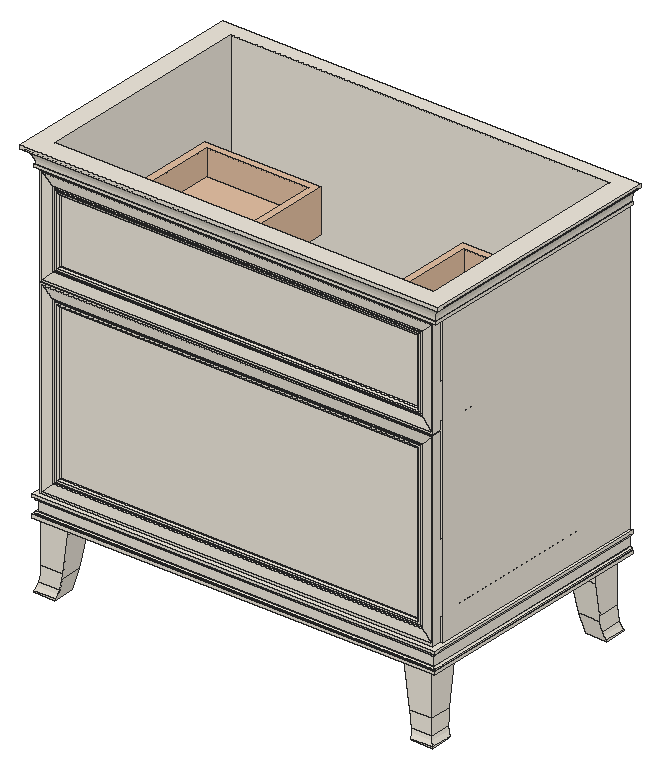
Revit family "Furniture-Floor_Mount-Vanity-KOHLER-Artifacts-K-33559", category Casework, host Face, Revit 2022
Family settings
  Host = Face
  OmniClass Number = 23.21.19.15.33
  OmniClass Title = Residential Specialty Casework
  Cut with Voids When Loaded = No
  Shared = No
  Room Calculation Point = No
Parameters (values of type "1WA-Linen White")
  Width = 35.98425"  # constant formula
  WaterSense Certified = 1 = 0  # no
  URL = "https://www.us.kohler.com/us/"
  Type = 1
  Product Page URL = "http://www.us.kohler.com/us/catalog/productDetails.jsp?productNumber=33559"
  Product Name = "Artifacts"  # constant formula
  Product Documentation Link = "https://www.us.kohler.com/webassets/kpna/catalog/pdf/en/K-33559_spec_US-CA_Kohler_en.pdf"
  Model = if(Type = 1, "K-33559-1WA", if(Type = 2, "K-33559-1WX", if(Type = 3, "K-33559-AGA", if(Type = 4, "K-33559-BWK", if(Type = 5, "K-33559-WEK", "NA")))))  # "K-33559-1WA"
  Material = "Solid Wood "  # constant formula
  Master Format 2014 Name = "Bathroom Casework"  # constant formula
  Master Format 2014 = "12 35 30.23"  # constant formula
  Manufacturer Address = "Kohler Co.\n444 Highland Dr.\nKohler, WI 53044"  # constant formula
  Manufacturer = "Kohler Co."  # constant formula
  Product Finish = Kohler-Wood-1WA-Linen_White
  Height = 34.48795"  # constant formula
  Hardware Included = 1 = 0  # no
  Finish = if(Type = 1, "Kohler-Wood-1WA-Linen White", if(Type = 2, "Kohler-Wood-1WX-New_Dark_Grey", if(Type = 3, "KOHLER-Wood-AGA-Ash_Grey", if(Type = 4, "KOHLER-Wood-BWK-Carbon_Oak", if(Type = 5, "KOHLER-Wood-WEK-Weathered_Oak", "NA")))))  # "Kohler-Wood-1WA-Linen White"
  Environmental Product Declaration = ""
  Description = "36 Inch Bathroom Vanity Cabinet"  # constant formula
  Depth = 21.88976"  # constant formula
  Default Elevation = 0"
  Declare Label = ""
  Date Modified = "02/05/2025"  # constant formula
  Date Created = "02/17/2021"  # constant formula
  Copyright = "Copyright Kohler Co."  # constant formula
  Contact Us = "https://www.us.kohler.com/us/static/contact.jsp"
  Construction Type = "Floor Mount"  # constant formula
  Assembly Code = "E2010.30"
  ADA Compliant = 1 = 0  # no
Reference planes (in)
  plane 1 "Center (Front/Back)": y = 0
  plane 2: z = 0
  plane 3 "Center (Left/Right)": x = 0
  plane 4: y = 10.94488
  plane 5: y = -10.94488
  plane 6: z = 34.48795
  plane 7: x = -17.99213
  plane 8: x = 17.99213
  plane 9: z = 5.70844
  plane 10: x = -16.44882
  plane 11: x = 16.44882
  plane 12: y = 9.40157
  plane 13: y = -9.40157
Dimensions and locks (in)
  "Height": plane 6 to level
  "Width": plane 7 to plane 8
  "Depth": plane 5 to plane 4
  locked: plane 9 to level at 5.70844
  locked: plane 11 to plane 10 at 32.89764
  locked: plane 12 to plane 13 at 18.80315
  plane 9 to level = 5.70844"
  plane 7 to plane 8 = 35.98425"
  plane 11 to plane 10 = 32.89764"
  aligned and locked: plane 2 to host face
  aligned and locked: level to host face
Automatic sketch dimensions
  host sketch curve to host sketch curve = 96"  (x2)
Nested families (in)
  nested 1: "K-33559" at (0, 0, 0), type "K-33559"
Definition of nested family "K-33559"
  Parameters
    Material = none
    Default Elevation = 0"
  Reference planes (in)
    plane 1 "Center (Front/Back)": y = 0
    plane 2: z = 0
    plane 3 "Center (Left/Right)": x = 0
    plane 4: z = 34.48797
    plane 5: z = 5.70844
    plane 6: y = 10.94488
    plane 7: y = -10.94488
    plane 8: x = -17.99213
    plane 9: x = 17.99213
    plane 10: x = -16.25984
    plane 11: x = 16.25984
    plane 12: y = 9.05827
    plane 13: y = -9.367
    plane 14: y = -18.4252
    plane 15: y = 18.4252
    plane 16: y = 0
    plane 17: y = 0
  Forms (in)
    Sweep 1, solid, material <- "Material", detail levels medium+fine
      path origin (0, 0, 0) x (1, 0, 0) y (0, 1, 0)
        loop
          line (-17.99213, 10.90551) -> (-17.99213, -10.94488) -> (17.99213, -10.94488) -> (17.99213, 10.90551)
      profile origin (0, -10.94488, 0) x (0, 1, 0) y (0, 0, 1)
        loop
          line (0, 34.48797) -> (0, 34.17301)
          arc (0, 34.17301) -> (0.55233, 33.64898) -> (0.74803, 32.91319) r 1.39763
          line (0.74803, 32.91319) -> (0.62992, 32.91319) -> (0.62992, 32.67697) -> (3.30709, 32.67697) -> (3.30709, 34.48797) -> (0, 34.48797)
        loop
          line (3.30709, 7.51946) -> (0.47244, 7.51946) -> (0.47244, 7.28324) -> (0.59059, 7.28324) -> (0.59059, 7.16513)
          arc (0.59059, 7.16513) -> (0.64106, 7.11349) -> (0.66929, 7.04702) r 0.19515
          line (0.66929, 7.04702) -> (0.78744, 7.04702) -> (0.78744, 6.18088) -> (0.66929, 6.18088)
          arc (0.66929, 6.18088) -> (0.6411, 6.11439) -> (0.59059, 6.06277) r 0.19455
          line (0.59059, 6.06277) -> (0.59059, 5.94466) -> (0.47244, 5.94466) -> (0.47244, 5.70844) -> (3.30709, 5.70844) -> (3.30709, 7.51946)
    Extrusion 2, solid, material <- "Material", detail levels medium+fine
      sketch origin (0, 0, 0) x (1, 0, 0) y (0, 0, 1)
        loop
          line (17.04724, 34.48797) -> (-17.04724, 34.48797) -> (-17.04724, 5.70844) -> (17.04724, 5.70844) -> (17.04724, 34.48797)
      from -10.90551 to 9.2126
    Extrusion 3, solid, material <- "Material", detail levels medium+fine
      sketch origin (0, 0, 0) x (1, 0, 0) y (0, 1, 0)
        loop
          line (17.4724, -10.71174) -> (17.4724, -7.56213) -> (14.51964, -7.56213) -> (14.51964, -10.71174) -> (17.4724, -10.71174)
      from 0 to 5.47244
    Extrusion 4, void
      sketch origin (0, 0, 0) x (0, 1, 0) y (0, 0, 1)
        loop
          arc (-10.15744, 2.07893) -> (-10.17814, 1.43081) -> (-10.24015, 0.78533) r 10.15706
          arc (-10.24015, 0.78533) -> (-10.32158, 0.43964) -> (-10.4724, 0.11812) r 1.71658
          line (-10.4724, 0.11812) -> (-10.4724, 0) -> (-8.66137, 0)
          arc (-8.66137, 0) -> (-8.47829, 0.78501) -> (-8.34234, 1.57954) r 13.51115
          line (-8.34234, 1.57954) -> (-7.79523, 5.47244) -> (-10.15744, 5.47244) -> (-10.15744, 2.07893)
        loop
          line (-11.03327, 6.20504) -> (-11.03327, -0.48788) -> (-7.09626, -0.48788) -> (-7.09626, 6.20504) -> (-11.03327, 6.20504)
      from -18.94195 to 21.82375
    Extrusion 5, solid, material <- "Material", detail levels medium+fine
      sketch origin (0, 0, 0) x (-1, 0, 0) y (0, -1, 0)
        loop
          line (17.4724, 10.71174) -> (14.51964, 10.71174) -> (14.51964, 7.56213) -> (17.4724, 7.56213) -> (17.4724, 10.71174)
      from 0 to 5.47244
    Extrusion 6, solid, material <- "Material", detail levels medium+fine
      sketch origin (0, 0, 0) x (-1, 0, 0) y (0, -1, 0)
        loop
          line (17.4724, -10.71174) -> (17.4724, -7.56213) -> (14.51964, -7.56213) -> (14.51964, -10.71174) -> (17.4724, -10.71174)
      from 0 to 5.47244
    Extrusion 7, solid, material <- "Material", detail levels medium+fine
      sketch origin (0, 0, 0) x (1, 0, 0) y (0, 1, 0)
        loop
          line (17.4724, 10.71174) -> (14.51964, 10.71174) -> (14.51964, 7.56213) -> (17.4724, 7.56213) -> (17.4724, 10.71174)
      from 0 to 5.47244
    Extrusion 8, void
      sketch origin (0, -0.34449, 0) x (0, 1, 0) y (0, 0, 1)
        loop
          line (10.15744, 2.07893) -> (10.15744, 5.47244) -> (7.79523, 5.47244) -> (8.34234, 1.57954)
          arc (8.34234, 1.57954) -> (8.47829, 0.78501) -> (8.66137, 0) r 13.51115
          line (8.66137, 0) -> (10.4724, 0) -> (10.4724, 0.11812)
          arc (10.4724, 0.11812) -> (10.32158, 0.43964) -> (10.24015, 0.78533) r 1.71658
          arc (10.24015, 0.78533) -> (10.17814, 1.43081) -> (10.15744, 2.07893) r 10.15706
        loop
          line (12.10998, 6.20504) -> (7.09626, 6.20504) -> (7.09626, -0.48788) -> (12.10998, -0.48788) -> (12.10998, 6.20504)
      from -20.28395 to 19.95127
    Extrusion 9, void
      sketch origin (0.19685, 0, 0) x (1, 0, 0) y (0, 0, 1)
        loop
          arc (-17.04728, 2.07893) -> (-17.06436, 1.43058) -> (-17.13, 0.78533) r 8.64397
          arc (-17.13, 0.78533) -> (-17.21331, 0.4403) -> (-17.36224, 0.11811) r 1.81328
          line (-17.36224, 0.11811) -> (-17.36224, 0) -> (-15.55122, 0)
          arc (-15.55122, 0) -> (-15.36814, 0.78501) -> (-15.23219, 1.57954) r 13.51115
          line (-15.23219, 1.57954) -> (-14.68508, 5.47244) -> (-17.04728, 5.47244) -> (-17.04728, 2.07893)
        loop
          line (-17.75632, 6.28511) -> (-17.75632, -0.60465) -> (-14.21302, -0.60465) -> (-14.21302, 6.28511) -> (-17.75632, 6.28511)
      from -11.76549 to 11.15024
    Extrusion 10, void
      sketch origin (-0.19685, 0, 0) x (1, 0, 0) y (0, 0, 1)
        loop
          line (17.04728, 2.07893) -> (17.04728, 5.47244) -> (14.68508, 5.47244) -> (15.23219, 1.57954)
          arc (15.23219, 1.57954) -> (15.36814, 0.78501) -> (15.55122, 0) r 13.51115
          line (15.55122, 0) -> (17.36224, 0) -> (17.36224, 0.11811)
          arc (17.36224, 0.11811) -> (17.21331, 0.4403) -> (17.13, 0.78533) r 1.81328
          arc (17.13, 0.78533) -> (17.06436, 1.43058) -> (17.04728, 2.07893) r 8.64397
        loop
          line (17.75632, 6.28511) -> (14.21302, 6.28511) -> (14.21302, -0.60465) -> (17.75632, -0.60465) -> (17.75632, 6.28511)
      from -11.76549 to 11.15024
    Extrusion 11, solid, material <- "Material", detail levels medium+fine
      sketch origin (0, 0, 0) x (1, 0, 0) y (0, 1, 0)
        loop
          line (-14.51395, -10.15744) -> (-12.84362, -8.48711)
          arc (-12.84362, -8.48711) -> (-12.78596, -8.34791) -> (-12.84362, -8.20872) r 0.19685
          line (-12.84362, -8.20872) -> (-15.09856, -5.95377)
          arc (-15.09856, -5.95377) -> (-15.23776, -5.89611) -> (-15.37695, -5.95377) r 0.19685
          line (-15.37695, -5.95377) -> (-17.04728, -7.6241) -> (-17.04728, -10.15744) -> (-14.51395, -10.15744)
        loop
          line (14.51395, -10.15744) -> (17.04728, -10.15744) -> (17.04728, -7.6241) -> (15.37695, -5.95377)
          arc (15.37695, -5.95377) -> (15.23776, -5.89611) -> (15.09856, -5.95377) r 0.19685
          line (15.09856, -5.95377) -> (12.84362, -8.20872)
          arc (12.84362, -8.20872) -> (12.78596, -8.34791) -> (12.84362, -8.48711) r 0.19685
          line (12.84362, -8.48711) -> (14.51395, -10.15744)
        loop
          line (14.51395, 10.15744) -> (12.84362, 8.48711)
          arc (12.84362, 8.48711) -> (12.78596, 8.34791) -> (12.84362, 8.20872) r 0.19685
          line (12.84362, 8.20872) -> (15.09856, 5.95377)
          arc (15.09856, 5.95377) -> (15.23776, 5.89611) -> (15.37695, 5.95377) r 0.19685
          line (15.37695, 5.95377) -> (17.04728, 7.6241) -> (17.04728, 10.15744) -> (14.51395, 10.15744)
        loop
          line (-14.51395, 10.15744) -> (-17.04728, 10.15744) -> (-17.04728, 7.6241) -> (-15.37695, 5.95377)
          arc (-15.37695, 5.95377) -> (-15.23776, 5.89611) -> (-15.09856, 5.95377) r 0.19685
          line (-15.09856, 5.95377) -> (-12.84362, 8.20872)
          arc (-12.84362, 8.20872) -> (-12.78596, 8.34791) -> (-12.84362, 8.48711) r 0.19685
          line (-12.84362, 8.48711) -> (-14.51395, 10.15744)
      from 5.47244 to 5.70844
    Sweep 12, solid, material <- "Material", detail levels medium+fine
      path origin (0, 0, 0) x (1, 0, 0) y (0, 0, 1)
        loop
          line (16.92924, 32.55897) -> (-16.92924, 32.55897) -> (-16.92924, 23.97629) -> (16.92924, 23.97629) -> (16.92924, 32.55897)
      profile origin (0, 0, 32.55897) x (0, 0, -1) y (0, -1, 0)
        loop
          line (0, 9.3306) -> (3.93701, 9.3306) -> (3.93701, 9.8026) -> (1.53561, 9.8026) -> (1.49606, 9.90146) -> (1.29921, 9.99989) -> (1.1811, 9.99989) -> (1.16142, 9.88178) -> (1.00394, 9.88178) -> (0.98425, 9.99989) -> (0.11811, 10.118) -> (0, 10.118) -> (0, 9.3306)
    Sweep 13, solid, material <- "Material", detail levels medium+fine
      path origin (0, 0, 0) x (1, 0, 0) y (0, 0, 1)
        loop
          line (16.92924, 23.85829) -> (-16.92924, 23.85829) -> (-16.92924, 7.63782) -> (16.92924, 7.63782) -> (16.92924, 23.85829)
      profile origin (0, 0, 23.85829) x (0, 0, -1) y (0, -1, 0)
        loop
          line (-0.00004, 9.3306) -> (6.69287, 9.3306) -> (6.69287, 9.8026) -> (1.53557, 9.8026) -> (1.49602, 9.90146) -> (1.29917, 9.99989) -> (1.18106, 9.99989) -> (1.16137, 9.88178) -> (1.00389, 9.88178) -> (0.98421, 9.99989) -> (0.11807, 10.118) -> (-0.00004, 10.118) -> (-0.00004, 9.3306)
    Extrusion 14, solid, material <- "Material", detail levels medium+fine
      sketch origin (0, 0, 0) x (1, 0, 0) y (0, 0, 1)
        loop
          line (-12.99224, 28.62196) -> (-12.99224, 27.9133) -> (12.99224, 27.9133) -> (12.99224, 28.62196) -> (-12.99224, 28.62196)
      from 9.3306 to 9.8026
    Extrusion 15, solid, material <- "Material", detail levels medium+fine
      sketch origin (0, 0, 0) x (1, 0, 0) y (0, 0, 1)
        loop
          line (-10.23637, 14.33069) -> (10.23637, 14.33069) -> (10.23637, 17.16542) -> (-10.23637, 17.16542) -> (-10.23637, 14.33069)
      from 9.3306 to 9.8026
    Extrusion 16, solid, material <- "Material", detail levels medium+fine
      sketch origin (0, 0, 0) x (0, 1, 0) y (0, 0, 1)
        loop
          line (-9.3306, 27.63633) -> (-9.3306, 24.76369) -> (-9.2126, 24.76369) -> (-9.2126, 27.71645) -> (-9.25048, 27.71645)
          arc (-9.25048, 27.71645) -> (-9.30713, 27.69298) -> (-9.3306, 27.63633) r 0.08011
        loop
          line (-9.3306, 15.43334) -> (-9.3306, 9.60682) -> (-9.2126, 9.60682) -> (-9.2126, 15.51233) -> (-9.25161, 15.51233)
          arc (-9.25161, 15.51233) -> (-9.30746, 15.4892) -> (-9.3306, 15.43334) r 0.07899
      from -16.92929 to 16.92929
    Extrusion 17, void
      sketch origin (0, 0, 0) x (1, 0, 0) y (0, 1, 0)
        loop
          line (-16.33858, -9.3306) -> (16.33858, -9.3306) -> (16.33858, 9.72441) -> (-16.33858, 9.72441) -> (-16.33858, -9.3306)
      from 8.22813 to 41.76718
    Extrusion 18, solid
      sketch origin (0, 0, 0) x (1, 0, 0) y (0, 1, 0)
        loop
          line (-16.10236, 6.614) -> (-16.10236, -9.3309) -> (16.10236, -9.3309) -> (16.10236, 6.614) -> (-16.10236, 6.614)
        loop
          line (15.51181, 6.02345) -> (-15.51181, 6.02345) -> (-15.51181, -8.74035) -> (15.51181, -8.74035) -> (15.51181, 6.02345)
      from 9.60682 to 15.51233
    Extrusion 19, void
      sketch origin (0, 0, 0) x (1, 0, 0) y (0, 0, 1)
        loop
          line (-3.0315, 17.54923) -> (-3.0315, 13.42454)
          arc (-3.0315, 13.42454) -> (-2.89325, 13.09078) -> (-2.5595, 12.95254) r 0.472
          line (-2.5595, 12.95254) -> (2.5595, 12.95254)
          arc (2.5595, 12.95254) -> (2.89325, 13.09078) -> (3.0315, 13.42454) r 0.472
          line (3.0315, 13.42454) -> (3.0315, 17.54923) -> (-3.0315, 17.54923)
      from -11.0342 to 8.74005
    Extrusion 20, solid, material <- "Material", detail levels medium+fine
      sketch origin (0, 0, 0) x (1, 0, 0) y (0, 0, 1)
        loop
          line (16.3157, 8.93679) -> (15.62992, 8.93679) -> (15.62992, 8.22813) -> (16.3157, 8.22813) -> (16.3157, 8.93679)
      from -9.64588 to -3.73988
    Extrusion 21, solid, material <- "Material", detail levels medium+fine
      sketch origin (0, 0, 0) x (1, 0, 0) y (0, 0, -1)
        loop
          line (16.3157, -8.93679) -> (16.3157, -8.22813) -> (15.62992, -8.22813) -> (15.62992, -8.93679) -> (16.3157, -8.93679)
      from -7.24512 to -1.33912
    Extrusion 22, solid, detail levels medium+fine
      sketch origin (0, 0, 0) x (1, 0, 0) y (0, 0, 1)
        loop
          line (14.90294, 9.03497) -> (16.14961, 9.03497)
          arc (16.14961, 9.03497) -> (16.24625, 9.06155) -> (16.3157, 9.13381) r 0.18898
          line (16.3157, 9.13381) -> (16.3157, 10.90505) -> (16.26772, 10.90505) -> (16.26772, 10.80859) -> (16.22835, 10.75741) -> (16.22835, 9.7141) -> (16.26772, 9.66292) -> (16.26772, 9.22179)
          arc (16.26772, 9.22179) -> (16.23375, 9.1398) -> (16.15176, 9.10583) r 0.11596
          line (16.15176, 9.10583) -> (14.9012, 9.10583)
          arc (14.9012, 9.10583) -> (14.87363, 9.11726) -> (14.8622, 9.14483) r 0.039
          line (14.8622, 9.14483) -> (14.8622, 9.20052) -> (14.79134, 9.20052) -> (14.79134, 9.14657)
          arc (14.79134, 9.14657) -> (14.82402, 9.06765) -> (14.90294, 9.03497) r 0.1116
      from -6.27572 to 8.68098
    Extrusion 23, solid, detail levels medium+fine
      sketch origin (0, -1.85025, 0) x (1, 0, 0) y (0, 0, 1)
        loop
          line (15.27638, 9.39422) -> (14.55197, 9.39422) -> (14.55197, 9.28652)
          arc (14.55197, 9.28652) -> (14.5439, 9.26705) -> (14.52443, 9.25898) r 0.02754
          line (14.52443, 9.25898) -> (14.30394, 9.25898) -> (14.30394, 9.20052) -> (15.27638, 9.20052) -> (15.27638, 9.39422)
      from -8.75997 to -7.99225
    Extrusion 24, solid, detail levels medium+fine
      sketch origin (0, -1.85025, 0) x (1, 0, 0) y (0, 0, 1)
        loop
          line (14.32874, 9.39422) -> (15.49803, 9.39422) -> (15.49803, 10.01423)
          arc (15.49803, 10.01423) -> (15.47898, 10.06021) -> (15.433, 10.07926) r 0.06503
          line (15.433, 10.07926) -> (14.39689, 10.07926)
          arc (14.39689, 10.07926) -> (14.3487, 10.0593) -> (14.32874, 10.01111) r 0.06815
          line (14.32874, 10.01111) -> (14.32874, 9.39422)
      from -8.93713 to -7.99225
    Extrusion 25, solid, detail levels medium+fine
      sketch origin (0, -1.85025, 0) x (1, 0, 0) y (0, 0, 1)
        loop
          line (15.39961, 10.58123) -> (15.21047, 10.6206)
          arc (15.21047, 10.6206) -> (14.70146, 10.39422) -> (15.21047, 10.16784) r 0.30485
          line (15.21047, 10.16784) -> (15.39961, 10.20721) -> (15.50693, 10.20721) -> (15.59142, 10.39422) -> (15.50693, 10.58123) -> (15.39961, 10.58123)
      from -8.93713 to -8.7082
    Extrusion 26, solid, detail levels medium+fine
      sketch origin (0, -1.85025, 0) x (1, 0, 0) y (0, 0, 1)
        loop
          line (15.30118, 10.73674) -> (14.57283, 10.73674) -> (14.57283, 10.07926) -> (15.43898, 10.07926) -> (15.43898, 10.61076) -> (15.30118, 10.61076) -> (15.30118, 10.73674)
      from -8.87749 to -8.46425
    Extrusion 27, solid, detail levels medium+fine
      sketch origin (0, 0, 0) x (-1, 0, 0) y (0, 0, -1)
        loop
          arc (14.90294, -9.03497) -> (14.82402, -9.06765) -> (14.79134, -9.14657) r 0.1116
          line (14.79134, -9.14657) -> (14.79134, -9.20052) -> (14.8622, -9.20052) -> (14.8622, -9.14483)
          arc (14.8622, -9.14483) -> (14.87363, -9.11726) -> (14.9012, -9.10583) r 0.039
          line (14.9012, -9.10583) -> (16.15176, -9.10583)
          arc (16.15176, -9.10583) -> (16.23375, -9.1398) -> (16.26772, -9.22179) r 0.11596
          line (16.26772, -9.22179) -> (16.26772, -9.66292) -> (16.22835, -9.7141) -> (16.22835, -10.75741) -> (16.26772, -10.80859) -> (16.26772, -10.90505) -> (16.3157, -10.90505) -> (16.3157, -9.13381)
          arc (16.3157, -9.13381) -> (16.24625, -9.06155) -> (16.14961, -9.03497) r 0.18898
          line (16.14961, -9.03497) -> (14.90294, -9.03497)
      from -6.27572 to 8.68098
    Extrusion 28, solid, detail levels medium+fine
      sketch origin (0, -1.85025, 0) x (-1, 0, 0) y (0, 0, -1)
        loop
          line (15.27638, -9.39422) -> (15.27638, -9.20052) -> (14.30394, -9.20052) -> (14.30394, -9.25898) -> (14.52443, -9.25898)
          arc (14.52443, -9.25898) -> (14.5439, -9.26705) -> (14.55197, -9.28652) r 0.02754
          line (14.55197, -9.28652) -> (14.55197, -9.39422) -> (15.27638, -9.39422)
      from -8.75997 to -7.99225
    Extrusion 29, solid, detail levels medium+fine
      sketch origin (0, -1.85025, 0) x (-1, 0, 0) y (0, 0, -1)
        loop
          line (14.32874, -9.39422) -> (14.32874, -10.01111)
          arc (14.32874, -10.01111) -> (14.3487, -10.0593) -> (14.39689, -10.07926) r 0.06815
          line (14.39689, -10.07926) -> (15.433, -10.07926)
          arc (15.433, -10.07926) -> (15.47898, -10.06021) -> (15.49803, -10.01423) r 0.06503
          line (15.49803, -10.01423) -> (15.49803, -9.39422) -> (14.32874, -9.39422)
      from -8.93713 to -7.99225
    Extrusion 30, solid, detail levels medium+fine
      sketch origin (0, -1.85025, 0) x (-1, 0, 0) y (0, 0, -1)
        loop
          line (15.39961, -10.58123) -> (15.50693, -10.58123) -> (15.59142, -10.39422) -> (15.50693, -10.20721) -> (15.39961, -10.20721) -> (15.21047, -10.16784)
          arc (15.21047, -10.16784) -> (14.70146, -10.39422) -> (15.21047, -10.6206) r 0.30485
          line (15.21047, -10.6206) -> (15.39961, -10.58123)
      from -8.93713 to -8.7082
    Extrusion 31, solid, detail levels medium+fine
      sketch origin (0, -1.85025, 0) x (-1, 0, 0) y (0, 0, -1)
        loop
          line (15.30118, -10.73674) -> (15.30118, -10.61076) -> (15.43898, -10.61076) -> (15.43898, -10.07926) -> (14.57283, -10.07926) -> (14.57283, -10.73674) -> (15.30118, -10.73674)
      from -8.87749 to -8.46425
    Extrusion 32, solid
      sketch origin (0, 0, 0) x (1, 0, 0) y (0, 1, 0)
        loop
          line (16.10235, -9.2126) -> (16.10235, 6.6143) -> (6.10236, 6.6143) -> (6.10236, -3.91721) -> (-6.10236, -3.91721) -> (-6.10236, 6.6143) -> (-16.10235, 6.6143) -> (-16.10235, -9.2126) -> (-6.10236, -9.2126) -> (6.10236, -9.2126) -> (16.10235, -9.2126)
        loop
          line (15.5118, 6.02375) -> (6.69291, 6.02375) -> (6.69291, -8.74005) -> (15.5118, -8.74005) -> (15.5118, 6.02375)
        loop
          line (6.10236, -8.74005) -> (6.10236, -4.50776) -> (-6.10236, -4.50776) -> (-6.10236, -8.74005) -> (6.10236, -8.74005)
        loop
          line (-15.5118, 6.02375) -> (-15.5118, -8.74005) -> (-6.69291, -8.74005) -> (-6.69291, 6.02375) -> (-15.5118, 6.02375)
      from 23.97629 to 27.66398
    Extrusion 33, solid
      sketch origin (0, 0, 0) x (1, 0, 0) y (0, 1, 0)
        loop
          line (15.5118, 6.02375) -> (6.69291, 6.02375) -> (6.69291, -8.74005) -> (15.5118, -8.74005) -> (15.5118, 6.02375)
        loop
          line (6.10236, -8.74005) -> (6.10236, -3.91721) -> (-6.10236, -3.91721) -> (-6.10236, -8.74005) -> (6.10236, -8.74005)
        loop
          line (-15.5118, 6.02375) -> (-15.5118, -8.74005) -> (-6.69291, -8.74005) -> (-6.69291, 6.02375) -> (-15.5118, 6.02375)
      from 25.15739 to 25.47235
    Extrusion 34, solid
      sketch origin (0, 0, 0) x (1, 0, 0) y (0, 1, 0)
        loop
          line (15.5118, 6.614) -> (-0.79218, 6.614) -> (-15.5118, 6.614) -> (-15.5118, -8.74005) -> (-0.09665, -8.74005) -> (15.5118, -8.74005) -> (15.5118, 6.614)
      from 10.07926 to 10.2958
    Extrusion 35, solid
      sketch origin (0, 0, 14.62535) x (1, 0, 0) y (0, 0, 1)
        loop
          line (14.90294, 9.03497) -> (16.14961, 9.03497)
          arc (16.14961, 9.03497) -> (16.24625, 9.06155) -> (16.3157, 9.13381) r 0.18898
          line (16.3157, 9.13381) -> (16.3157, 10.90505) -> (16.26772, 10.90505) -> (16.26772, 10.80859) -> (16.22835, 10.75741) -> (16.22835, 9.7141) -> (16.26772, 9.66292) -> (16.26772, 9.22179)
          arc (16.26772, 9.22179) -> (16.23375, 9.1398) -> (16.15176, 9.10583) r 0.11596
          line (16.15176, 9.10583) -> (14.9012, 9.10583)
          arc (14.9012, 9.10583) -> (14.87363, 9.11726) -> (14.8622, 9.14483) r 0.039
          line (14.8622, 9.14483) -> (14.8622, 9.20052) -> (14.79134, 9.20052) -> (14.79134, 9.14657)
          arc (14.79134, 9.14657) -> (14.82402, 9.06765) -> (14.90294, 9.03497) r 0.1116
      from -5.58126 to 8.03274
    Extrusion 36, solid, detail levels medium+fine
      sketch origin (0, 0, 14.62535) x (1, 0, 0) y (0, 0, 1)
        loop
          line (15.27638, 9.39422) -> (14.55197, 9.39422) -> (14.55197, 9.28652)
          arc (14.55197, 9.28652) -> (14.5439, 9.26705) -> (14.52443, 9.25898) r 0.02754
          line (14.52443, 9.25898) -> (14.30394, 9.25898) -> (14.30394, 9.20052) -> (15.27638, 9.20052) -> (15.27638, 9.39422)
      from -6.79009 to -6.6143
    Extrusion 37, solid, detail levels medium+fine
      sketch origin (0, 0, 14.62535) x (1, 0, 0) y (0, 0, 1)
        loop
          line (14.32874, 9.39422) -> (15.49803, 9.39422) -> (15.49803, 10.01423)
          arc (15.49803, 10.01423) -> (15.47898, 10.06021) -> (15.433, 10.07926) r 0.06503
          line (15.433, 10.07926) -> (14.39689, 10.07926)
          arc (14.39689, 10.07926) -> (14.3487, 10.0593) -> (14.32874, 10.01111) r 0.06815
          line (14.32874, 10.01111) -> (14.32874, 9.39422)
      from -6.96726 to -6.6143
    Extrusion 38, solid, detail levels medium+fine
      sketch origin (0, 0, 14.62535) x (1, 0, 0) y (0, 0, 1)
        loop
          line (15.39961, 10.58123) -> (15.21047, 10.6206)
          arc (15.21047, 10.6206) -> (14.70146, 10.39422) -> (15.21047, 10.16784) r 0.30485
          line (15.21047, 10.16784) -> (15.39961, 10.20721) -> (15.50693, 10.20721) -> (15.59142, 10.39422) -> (15.50693, 10.58123) -> (15.39961, 10.58123)
      from -6.96726 to -6.90899
    Extrusion 39, solid, detail levels medium+fine
      sketch origin (0, 0, 14.62535) x (1, 0, 0) y (0, 0, 1)
        loop
          line (15.30118, 10.73674) -> (14.57283, 10.73674) -> (14.57283, 10.07926) -> (15.43898, 10.07926) -> (15.43898, 10.61076) -> (15.30118, 10.61076) -> (15.30118, 10.73674)
      from -6.90899 to -6.6143
    Extrusion 40, solid, detail levels medium+fine
      sketch origin (0, 0, 14.62535) x (-1, 0, 0) y (0, 0, -1)
        loop
          line (14.32874, -9.39422) -> (14.32874, -10.01111)
          arc (14.32874, -10.01111) -> (14.3487, -10.0593) -> (14.39689, -10.07926) r 0.06815
          line (14.39689, -10.07926) -> (15.433, -10.07926)
          arc (15.433, -10.07926) -> (15.47898, -10.06021) -> (15.49803, -10.01423) r 0.06503
          line (15.49803, -10.01423) -> (15.49803, -9.39422) -> (14.32874, -9.39422)
      from -6.96726 to -6.6143
    Extrusion 41, solid, detail levels medium+fine
      sketch origin (0, 0, 14.62535) x (-1, 0, 0) y (0, 0, -1)
        loop
          line (15.27638, -9.39422) -> (15.27638, -9.20052) -> (14.30394, -9.20052) -> (14.30394, -9.25898) -> (14.52443, -9.25898)
          arc (14.52443, -9.25898) -> (14.5439, -9.26705) -> (14.55197, -9.28652) r 0.02754
          line (14.55197, -9.28652) -> (14.55197, -9.39422) -> (15.27638, -9.39422)
      from -6.79009 to -6.6143
    Extrusion 42, solid, detail levels medium+fine
      sketch origin (0, 0, 14.62535) x (-1, 0, 0) y (0, 0, -1)
        loop
          line (15.30118, -10.73674) -> (15.30118, -10.61076) -> (15.43898, -10.61076) -> (15.43898, -10.07926) -> (14.57283, -10.07926) -> (14.57283, -10.73674) -> (15.30118, -10.73674)
      from -6.90899 to -6.6143
    Extrusion 43, solid, detail levels medium+fine
      sketch origin (0, 0, 14.62535) x (-1, 0, 0) y (0, 0, -1)
        loop
          line (15.39961, -10.58123) -> (15.50693, -10.58123) -> (15.59142, -10.39422) -> (15.50693, -10.20721) -> (15.39961, -10.20721) -> (15.21047, -10.16784)
          arc (15.21047, -10.16784) -> (14.70146, -10.39422) -> (15.21047, -10.6206) r 0.30485
          line (15.21047, -10.6206) -> (15.39961, -10.58123)
      from -6.96726 to -6.90899
    Extrusion 44, solid
      sketch origin (0, 0, 14.62535) x (-1, 0, 0) y (0, 0, -1)
        loop
          arc (14.90294, -9.03497) -> (14.82402, -9.06765) -> (14.79134, -9.14657) r 0.1116
          line (14.79134, -9.14657) -> (14.79134, -9.20052) -> (14.8622, -9.20052) -> (14.8622, -9.14483)
          arc (14.8622, -9.14483) -> (14.87363, -9.11726) -> (14.9012, -9.10583) r 0.039
          line (14.9012, -9.10583) -> (16.15176, -9.10583)
          arc (16.15176, -9.10583) -> (16.23375, -9.1398) -> (16.26772, -9.22179) r 0.11596
          line (16.26772, -9.22179) -> (16.26772, -9.66292) -> (16.22835, -9.7141) -> (16.22835, -10.75741) -> (16.26772, -10.80859) -> (16.26772, -10.90505) -> (16.3157, -10.90505) -> (16.3157, -9.13381)
          arc (16.3157, -9.13381) -> (16.24625, -9.06155) -> (16.14961, -9.03497) r 0.18898
          line (16.14961, -9.03497) -> (14.90294, -9.03497)
      from -5.58126 to 8.03274
    Extrusion 45, void
      sketch origin (0, 0, 0) x (1, 0, 0) y (0, 0, 1)
        loop
          line (-17.36224, 7.51946) -> (-17.75594, 7.51946) -> (-17.75594, 5.70844) -> (-17.3622, 5.70844) -> (-17.3622, 5.94466) -> (-17.24413, 5.94466) -> (-17.24413, 6.06277)
          arc (-17.24413, 6.06277) -> (-17.19208, 6.11337) -> (-17.16539, 6.18088) r 0.17281
          line (-17.16539, 6.18088) -> (-17.04728, 6.18088) -> (-17.04728, 7.04702) -> (-17.16539, 7.04702)
          arc (-17.16539, 7.04702) -> (-17.19185, 7.11469) -> (-17.24413, 7.16513) r 0.17007
          line (-17.24413, 7.16513) -> (-17.24413, 7.28324) -> (-17.36224, 7.28324) -> (-17.36224, 7.51946)
        loop
          line (17.36224, 7.51946) -> (17.36224, 7.28324) -> (17.24413, 7.28324) -> (17.24413, 7.16513)
          arc (17.24413, 7.16513) -> (17.19185, 7.11469) -> (17.16539, 7.04702) r 0.17007
          line (17.16539, 7.04702) -> (17.04728, 7.04702) -> (17.04728, 6.18088) -> (17.16539, 6.18088)
          arc (17.16539, 6.18088) -> (17.19208, 6.11337) -> (17.24413, 6.06277) r 0.17281
          line (17.24413, 6.06277) -> (17.24413, 5.94466) -> (17.3622, 5.94466) -> (17.3622, 5.70844) -> (17.75594, 5.70844) -> (17.75594, 7.51946) -> (17.36224, 7.51946)
      from -12.34879 to 16.55357
    Sweep 46, solid, material <- "Material", detail levels coarse
      path origin (0, 0, 0) x (1, 0, 0) y (0, 1, 0)
        loop
          line (-17.99213, 10.90551) -> (-17.99213, -10.94488) -> (17.99213, -10.94488) -> (17.99213, 10.90551)
      profile origin (0, -10.94488, 0) x (0, 1, 0) y (0, 0, 1)
        loop
          line (0, 34.48797) -> (0, 34.17301) -> (0.74803, 32.91319) -> (0.62992, 32.91319) -> (0.62992, 32.67697) -> (6.29921, 32.67697) -> (6.29921, 34.48797) -> (0, 34.48797)
        loop
          line (3.93701, 7.51946) -> (0.47244, 7.51946) -> (0.47244, 7.28324) -> (0.59059, 7.28324) -> (0.59059, 7.05034) -> (0.78744, 7.05034) -> (0.78744, 6.18088) -> (0.59059, 6.18088) -> (0.59059, 5.94466) -> (0.47244, 5.94466) -> (0.47244, 5.70844) -> (3.93701, 5.70844) -> (3.93701, 7.51946)
    Extrusion 47, solid, material <- "Material", detail levels coarse
      sketch origin (0, 0, 0) x (1, 0, 0) y (0, 1, 0)
        loop
          line (17.04728, -9.3306) -> (17.04728, 10.90551) -> (-17.04728, 10.90551) -> (-17.04728, -9.3306) -> (17.04728, -9.3306)
      from 5.70844 to 34.48797
    Sweep 48, solid, material <- "Material", detail levels coarse
      path origin (0, 0, 0) x (1, 0, 0) y (0, 0, 1)
        loop
          line (16.92924, 32.55897) -> (-16.92924, 32.55897) -> (-16.92924, 23.97629) -> (16.92924, 23.97629) -> (16.92924, 32.55897)
      profile origin (0, 0, 32.55897) x (0, 0, -1) y (0, -1, 0)
        loop
          line (0, 10.118) -> (0, 9.3306) -> (1.45545, 9.3306) -> (1.45545, 9.88178) -> (0.98425, 9.88178) -> (0.98425, 10.00768) -> (0.3937, 10.00768) -> (0.3937, 10.118) -> (0, 10.118)
    Extrusion 49, solid, material <- "Material", detail levels coarse
      sketch origin (0, 0, 0) x (1, 0, 0) y (0, 0, 1)
        loop
          line (-15.4738, 31.10352) -> (-15.4738, 25.43174) -> (15.4738, 25.43174) -> (15.4738, 31.10352) -> (-15.4738, 31.10352)
      from 9.3306 to 9.88178
    Sweep 50, solid, material <- "Material", detail levels coarse
      path origin (0, 0, 0) x (1, 0, 0) y (0, 0, 1)
        loop
          line (16.92924, 23.85829) -> (-16.92924, 23.85829) -> (-16.92924, 7.63782) -> (16.92924, 7.63782) -> (16.92924, 23.85829)
      profile origin (0, 0, 23.85829) x (0, 0, -1) y (0, -1, 0)
        loop
          line (0, 10.118) -> (0, 9.3306) -> (3.32552, 9.3306) -> (3.32552, 9.88178) -> (0.98425, 9.88178) -> (0.98425, 10.00768) -> (0.3937, 10.00768) -> (0.3937, 10.118) -> (0, 10.118)
    Extrusion 51, solid, material <- "Material", detail levels coarse
      sketch origin (0, 0, 0) x (1, 0, 0) y (0, 0, 1)
        loop
          line (-13.60372, 10.96334) -> (13.60372, 10.96334) -> (13.60372, 20.53277) -> (-13.60372, 20.53277) -> (-13.60372, 10.96334)
      from 9.3306 to 9.88178
    Extrusion 52, solid, material <- "Material", detail levels coarse
      sketch origin (0, 0, 0) x (0, 1, 0) y (0, 0, 1)
        loop
          line (-9.2126, 27.71645) -> (-9.3306, 27.71645) -> (-9.3306, 24.56684) -> (-9.2126, 24.56684) -> (-9.2126, 27.71645)
        loop
          line (-9.2126, 16.29973) -> (-9.3306, 16.29973) -> (-9.3306, 9.01627) -> (-9.2126, 9.01627) -> (-9.2126, 16.29973)
      from -16.92924 to 16.92924
    Extrusion 53, solid, material <- "Material", detail levels coarse
      sketch origin (0, 0, 0) x (1, 0, 0) y (0, 1, 0)
        loop
          line (-17.04728, 10.4724) -> (-17.04728, 7.79523) -> (-14.68508, 7.79523) -> (-14.68508, 10.4724) -> (-17.04728, 10.4724)
        loop
          line (17.04728, 10.4724) -> (14.68508, 10.4724) -> (14.68508, 7.79523) -> (17.04728, 7.79523) -> (17.04728, 10.4724)
        loop
          line (17.04728, -10.15744) -> (17.04728, -7.79523) -> (14.68508, -7.79523) -> (14.68508, -10.15744) -> (17.04728, -10.15744)
        loop
          line (-17.04728, -10.15744) -> (-14.68508, -10.15744) -> (-14.68508, -7.79523) -> (-17.04728, -7.79523) -> (-17.04728, -10.15744)
      from 0 to 5.70844
    Extrusion 54, void
      sketch origin (0, 0, -0.73819) x (1, 0, 0) y (0, 0, 1)
        loop
          circle (0, 29.29843) r 1.77165
      from 0 to 4.50776
  Cuts and joins
    Extrusion 4, Extrusion 10 cuts Extrusion 3
    Extrusion 4, Extrusion 9 cuts Extrusion 5
    Extrusion 8, Extrusion 9 cuts Extrusion 6
    Extrusion 8, Extrusion 10 cuts Extrusion 7
    joined: Extrusion 3, Extrusion 5, Extrusion 6, Extrusion 7, Extrusion 11
    Extrusion 17, Extrusion 45 cuts Sweep 1
    Extrusion 17 cuts Extrusion 2
    joined: Sweep 1, Extrusion 2, Sweep 12, Sweep 13, Extrusion 14, Extrusion 15, Extrusion 16
    Extrusion 19 cuts Extrusion 18
    Extrusion 17 cuts Sweep 46
    Extrusion 17 cuts Extrusion 47
    joined: Sweep 46, Extrusion 47
    joined: Sweep 48, Extrusion 49, Sweep 50, Extrusion 51, Extrusion 52
    Extrusion 54 cuts Extrusion 32
  Lines and regions (in)
    Masking region 1
      outline origin (0, 0, 0) x (1, 0, 0) y (0, 0, 1)
        loop
          line (-17.99213, 34.48797) -> (-17.99213, 34.17301)
          arc (-17.99213, 34.17301) -> (-17.44703, 33.64468) -> (-17.24409, 32.91319) r 1.44818
          line (-17.24409, 32.91319) -> (-17.3622, 32.91319) -> (-17.3622, 32.67697) -> (-17.04724, 32.67697) -> (-17.04724, 7.51946) -> (-17.36224, 7.51946) -> (-17.36224, 7.28324) -> (-17.24413, 7.28324) -> (-17.24413, 7.16513)
          arc (-17.24413, 7.16513) -> (-17.19185, 7.11469) -> (-17.16539, 7.04702) r 0.17007
          line (-17.16539, 7.04702) -> (-17.04728, 7.04702) -> (-17.04728, 6.18088) -> (-17.16539, 6.18088)
          arc (-17.16539, 6.18088) -> (-17.19208, 6.11337) -> (-17.24413, 6.06277) r 0.17281
          line (-17.24413, 6.06277) -> (-17.24413, 5.94466) -> (-17.3622, 5.94466) -> (-17.3622, 5.70844) -> (-16.85043, 5.70844) -> (-16.85043, 2.07893)
          arc (-16.85043, 2.07893) -> (-16.86751, 1.43058) -> (-16.93315, 0.78533) r 8.64397
          arc (-16.93315, 0.78533) -> (-17.01646, 0.4403) -> (-17.16539, 0.11811) r 1.81328
          line (-17.16539, 0.11811) -> (-17.16539, 0) -> (-15.35437, 0)
          arc (-15.35437, 0) -> (-15.17129, 0.78501) -> (-15.03534, 1.57954) r 13.51115
          line (-15.03534, 1.57954) -> (-14.48823, 5.47244) -> (-12.78596, 5.47244) -> (-12.78596, 5.70844) -> (0, 5.70844) -> (12.78596, 5.70844) -> (12.78596, 5.47244) -> (14.48823, 5.47244) -> (15.03534, 1.57954)
          arc (15.03534, 1.57954) -> (15.17129, 0.78501) -> (15.35437, 0) r 13.51115
          line (15.35437, 0) -> (17.16539, 0) -> (17.16539, 0.11811)
          arc (17.16539, 0.11811) -> (17.01646, 0.4403) -> (16.93315, 0.78533) r 1.81328
          arc (16.93315, 0.78533) -> (16.86751, 1.43058) -> (16.85043, 2.07893) r 8.64397
          line (16.85043, 2.07893) -> (16.85043, 5.70844) -> (17.3622, 5.70844) -> (17.3622, 5.94466) -> (17.24413, 5.94466) -> (17.24413, 6.06277)
          arc (17.24413, 6.06277) -> (17.19208, 6.11337) -> (17.16539, 6.18088) r 0.17281
          line (17.16539, 6.18088) -> (17.04728, 6.18088) -> (17.04728, 7.04702) -> (17.16539, 7.04702)
          arc (17.16539, 7.04702) -> (17.19185, 7.11469) -> (17.24413, 7.16513) r 0.17007
          line (17.24413, 7.16513) -> (17.24413, 7.28324) -> (17.36224, 7.28324) -> (17.36224, 7.51946) -> (17.04724, 7.51946) -> (17.04724, 32.67697) -> (17.3622, 32.67697) -> (17.3622, 32.91319) -> (17.24409, 32.91319)
          arc (17.24409, 32.91319) -> (17.44703, 33.64468) -> (17.99213, 34.17301) r 1.44818
          line (17.99213, 34.17301) -> (17.99213, 34.48797) -> (-17.99213, 34.48797)
    Masking region 2
      outline origin (0, 0, 0) x (0, 1, 0) y (0, 0, 1)
        loop
          line (-10.94488, 34.48797) -> (-10.94488, 34.17301)
          arc (-10.94488, 34.17301) -> (-10.39255, 33.64898) -> (-10.19685, 32.91319) r 1.39763
          line (-10.19685, 32.91319) -> (-10.31496, 32.91319) -> (-10.31496, 32.67697) -> (-9.2126, 32.67697) -> (-9.2126, 27.71645) -> (-9.25124, 27.71645)
          arc (-9.25124, 27.71645) -> (-9.30736, 27.69321) -> (-9.3306, 27.63709) r 0.07936
          line (-9.3306, 27.63709) -> (-9.3306, 32.55897) -> (-10.118, 32.55897) -> (-10.118, 23.97629) -> (-9.3306, 23.97629) -> (-9.3306, 24.76369) -> (-9.2126, 24.76369) -> (-9.2126, 15.51233) -> (-9.25246, 15.51233)
          arc (-9.25246, 15.51233) -> (-9.30771, 15.48944) -> (-9.3306, 15.43419) r 0.07814
          line (-9.3306, 15.43419) -> (-9.3306, 23.85848) -> (-10.118, 23.85848) -> (-10.118, 7.63801) -> (-9.3306, 7.63801) -> (-9.3306, 9.60682) -> (-9.2126, 9.60682) -> (-9.2126, 7.51946) -> (-10.47244, 7.51946) -> (-10.47244, 7.28324) -> (-10.35429, 7.28324) -> (-10.35429, 7.16513)
          arc (-10.35429, 7.16513) -> (-10.30382, 7.11349) -> (-10.27559, 7.04702) r 0.19515
          line (-10.27559, 7.04702) -> (-10.15744, 7.04702) -> (-10.15744, 6.18088) -> (-10.27559, 6.18088)
          arc (-10.27559, 6.18088) -> (-10.30378, 6.11439) -> (-10.35429, 6.06277) r 0.19455
          line (-10.35429, 6.06277) -> (-10.35429, 5.94466) -> (-10.47244, 5.94466) -> (-10.47244, 5.70844) -> (-10.15637, 5.70844) -> (-10.15637, 2.07893)
          arc (-10.15637, 2.07893) -> (-10.17707, 1.43081) -> (-10.23909, 0.78533) r 10.15706
          arc (-10.23909, 0.78533) -> (-10.31941, 0.43926) -> (-10.47133, 0.11812) r 1.66494
          line (-10.47133, 0.11812) -> (-10.47133, 0) -> (-8.66031, 0) -> (-8.62866, 0.11812)
          arc (-8.62866, 0.11812) -> (-8.54622, 0.45028) -> (-8.47613, 0.78527) r 9.24047
          arc (-8.47613, 0.78527) -> (-8.40908, 1.15598) -> (-8.34855, 1.52781) r 21.45238
          line (-8.34855, 1.52781) -> (-7.79417, 5.47244) -> (-5.89618, 5.47244) -> (-5.89618, 5.70844) -> (5.58138, 5.70844) -> (5.58138, 5.47244) -> (7.48044, 5.47244) -> (8.03482, 1.52781)
          arc (8.03482, 1.52781) -> (8.09535, 1.15598) -> (8.1624, 0.78527) r 21.45238
          arc (8.1624, 0.78527) -> (8.23249, 0.45028) -> (8.31493, 0.11812) r 9.24047
          line (8.31493, 0.11812) -> (8.34658, 0) -> (10.1576, 0) -> (10.1576, 0.11812)
          arc (10.1576, 0.11812) -> (10.00568, 0.43926) -> (9.92536, 0.78533) r 1.66494
          arc (9.92536, 0.78533) -> (9.86334, 1.43081) -> (9.84264, 2.07893) r 10.15706
          line (9.84264, 2.07893) -> (9.84264, 5.70844) -> (10.94488, 5.70844) -> (10.94488, 34.48797) -> (-10.94488, 34.48797)
    Masking region 3
      outline origin (0, 0, 0) x (1, 0, 0) y (0, 1, 0)
        loop
          line (0.2258, 10.94488) -> (-14.26342, 10.94488)
          arc (-14.26342, 10.94488) -> (-14.36939, 10.98574) -> (-14.47536, 10.94488) r 0.15785
          line (-14.47536, 10.94488) -> (-15.52385, 10.94488)
          arc (-15.52385, 10.94488) -> (-15.6298, 10.98518) -> (-15.73575, 10.94488) r 0.15944
          line (-15.73575, 10.94488) -> (-17.99213, 10.94488) -> (-17.99213, -10.94488) -> (17.99213, -10.94488) -> (17.99213, 10.94488) -> (15.73575, 10.94488)
          arc (15.73575, 10.94488) -> (15.6298, 10.98518) -> (15.52385, 10.94488) r 0.15944
          line (15.52385, 10.94488) -> (14.47536, 10.94488)
          arc (14.47536, 10.94488) -> (14.36939, 10.98574) -> (14.26342, 10.94488) r 0.15785
          line (14.26342, 10.94488) -> (0.2258, 10.94488)
    symbolic lines, detail levels medium+fine
      curve 1: line (-17.99213, 0, 34.17301) -> (17.99213, 0, 34.17301)
      curve 2: line (17.3622, 0, 32.67697) -> (-17.3622, 0, 32.67697)
      curve 3: line (-17.3622, 0, 32.91319) -> (17.3622, 0, 32.91319)
      curve 4: line (-16.33858, 0, 32.67697) -> (-16.33858, 0, 32.55897)
      curve 5: line (-16.92924, 0, 32.55897) -> (-16.92924, 0, 23.97629)
      curve 6: line (16.92924, 0, 32.55897) -> (-16.92924, 0, 32.55897)
      curve 7: line (-16.81113, 0, 32.44086) -> (-16.81113, 0, 24.0944)
      curve 8: line (16.81113, 0, 32.44086) -> (-16.81113, 0, 32.44086)
      curve 9: line (-15.39381, 0, 31.02354) -> (-16.92924, 0, 32.55897)
      curve 10: line (-16.92924, 0, 23.97629) -> (16.92924, 0, 23.97629)
      curve 11: line (-16.81113, 0, 24.0944) -> (16.81113, 0, 24.0944)
      curve 12: line (-15.39381, 0, 25.51172) -> (-16.92924, 0, 23.97629)
      curve 13: line (16.92924, 0, 23.85829) -> (-16.92924, 0, 23.85829)
      curve 14: line (-16.92924, 0, 23.85829) -> (-16.92924, 0, 7.63782)
      curve 15: line (-16.81113, 0, 23.74018) -> (-16.81113, 0, 7.75593)
      curve 16: line (16.81113, 0, 23.74018) -> (-16.81113, 0, 23.74018)
      curve 17: line (-15.39381, 0, 22.32286) -> (-16.92924, 0, 23.85829)
      curve 18: line (-16.33858, 0, 23.97629) -> (-16.33858, 0, 23.85829)
      curve 19: line (-16.92924, 0, 7.63782) -> (16.92924, 0, 7.63782)
      curve 20: line (-16.81113, 0, 7.75593) -> (16.81113, 0, 7.75593)
      curve 21: line (-15.39381, 0, 9.17325) -> (-16.92924, 0, 7.63782)
      curve 22: line (17.3622, 0, 7.51946) -> (-17.04728, 0, 7.51946)
      curve 23: line (-17.24409, 0, 7.28324) -> (17.3622, 0, 7.28324)
      curve 24: line (-17.24409, 0, 7.16513) -> (17.24409, 0, 7.16513)
      curve 25: line (-17.04724, 0, 7.04702) -> (17.04724, 0, 7.04702)
      curve 26: line (-16.33858, 0, 7.63782) -> (-16.33858, 0, 7.51946)
      curve 27: line (17.16535, 0, 6.18088) -> (-17.16535, 0, 6.18088)
      curve 28: line (17.3622, 0, 5.94466) -> (-17.3622, 0, 5.94466)
      curve 29: line (-17.24409, 0, 6.06277) -> (17.24409, 0, 6.06277)
      curve 30: line (-14.48823, 0, 5.47244) -> (-16.85043, 0, 5.47244)
      curve 31: line (-12.84362, 0, 5.47244) -> (-12.84362, 0, 5.70844)
      curve 32: line (-14.48823, 0, 5.47244) -> (-14.48823, 0, 5.70844)
      curve 33: line (14.4882, 0, 5.47222) -> (16.85041, 0, 5.47222)
      curve 34: line (12.84362, 0, 5.47244) -> (12.84362, 0, 5.70844)
      curve 35: line (14.4882, 0, 5.47222) -> (14.4882, 0, 5.70844)
      curve 36: line (15.39381, 0, 31.02354) -> (16.92924, 0, 32.55897)
      curve 37: line (15.39381, 0, 25.51172) -> (16.92924, 0, 23.97629)
      curve 38: line (15.39381, 0, 22.32286) -> (16.92924, 0, 23.85829)
      curve 39: line (15.39381, 0, 9.17325) -> (16.92924, 0, 7.63782)
      curve 40: line (-15.94499, 0, 22.87404) -> (-15.94499, 0, 8.62207)
      curve 41: line (-15.92531, 0, 8.64176) -> (-15.92531, 0, 22.85435)
      curve 42: line (-15.76783, 0, 22.69687) -> (-15.76783, 0, 8.79924)
      curve 43: line (-15.74814, 0, 22.67719) -> (-15.74814, 0, 8.81892)
      curve 44: line (-15.63003, 0, 22.55908) -> (-15.63003, 0, 8.93703)
      curve 45: line (-15.43318, 0, 22.36223) -> (-15.43318, 0, 9.13388)
      curve 46: line (-15.39381, 0, 22.32286) -> (-15.39381, 0, 9.17325)
      curve 47: line (15.94499, 0, 22.87404) -> (-15.94499, 0, 22.87404)
      curve 48: line (-15.92531, 0, 22.85435) -> (15.92531, 0, 22.85435)
      curve 49: line (15.76783, 0, 22.69687) -> (-15.76783, 0, 22.69687)
      curve 50: line (15.74814, 0, 22.67719) -> (-15.74814, 0, 22.67719)
      curve 51: line (15.63003, 0, 22.55908) -> (-15.63003, 0, 22.55908)
      curve 52: line (-15.43318, 0, 22.36223) -> (15.43318, 0, 22.36223)
      curve 53: line (15.39381, 0, 22.32286) -> (-15.39381, 0, 22.32286)
      curve 54: line (-15.94499, 0, 8.62207) -> (15.94499, 0, 8.62207)
      curve 55: line (15.92531, 0, 8.64176) -> (-15.92531, 0, 8.64176)
      curve 56: line (-15.76783, 0, 8.79924) -> (15.76783, 0, 8.79924)
      curve 57: line (-15.74814, 0, 8.81892) -> (15.74814, 0, 8.81892)
      curve 58: line (-15.63003, 0, 8.93703) -> (15.63003, 0, 8.93703)
      curve 59: line (15.43318, 0, 9.13388) -> (-15.43318, 0, 9.13388)
      curve 60: line (-15.39381, 0, 9.17325) -> (15.39381, 0, 9.17325)
      curve 61: line (15.94499, 0, 8.62207) -> (15.94499, 0, 22.87404)
      curve 62: line (15.92531, 0, 22.85435) -> (15.92531, 0, 8.64176)
      curve 63: line (15.74814, 0, 8.81892) -> (15.74814, 0, 22.67719)
      curve 64: line (15.76783, 0, 8.79924) -> (15.76783, 0, 22.69687)
      curve 65: line (15.63003, 0, 8.93703) -> (15.63003, 0, 22.55908)
      curve 66: line (15.43318, 0, 9.13388) -> (15.43318, 0, 22.36223)
      curve 67: line (15.39381, 0, 9.17325) -> (15.39381, 0, 22.32286)
      curve 68: line (-15.94499, 0, 31.57472) -> (-15.94499, 0, 24.96054)
      curve 69: line (-15.92531, 0, 24.98023) -> (-15.92531, 0, 31.55503)
      curve 70: line (-15.76783, 0, 31.39755) -> (-15.76783, 0, 25.13771)
      curve 71: line (-15.74814, 0, 31.37787) -> (-15.74814, 0, 25.15739)
      curve 72: line (-15.63003, 0, 31.25976) -> (-15.63003, 0, 25.2755)
      curve 73: line (-15.43318, 0, 31.06291) -> (-15.43318, 0, 25.47235)
      curve 74: line (-15.39381, 0, 31.02354) -> (-15.39381, 0, 25.51172)
      curve 75: line (15.94499, 0, 31.57472) -> (-15.94499, 0, 31.57472)
      curve 76: line (-15.92531, 0, 31.55503) -> (15.92531, 0, 31.55503)
      curve 77: line (15.74814, 0, 31.37787) -> (-15.74814, 0, 31.37787)
      curve 78: line (15.63003, 0, 31.25976) -> (-15.63003, 0, 31.25976)
      curve 79: line (-15.43318, 0, 31.06291) -> (15.43318, 0, 31.06291)
      curve 80: line (15.39381, 0, 31.02354) -> (-15.39381, 0, 31.02354)
      curve 81: line (15.76783, 0, 31.39755) -> (-15.76783, 0, 31.39755)
      curve 82: line (15.94499, 0, 24.96054) -> (15.94499, 0, 31.57472)
      curve 83: line (15.92531, 0, 31.55503) -> (15.92531, 0, 24.98023)
      curve 84: line (15.74814, 0, 25.15739) -> (15.74814, 0, 31.37787)
      curve 85: line (15.76783, 0, 25.13771) -> (15.76783, 0, 31.39755)
      curve 86: line (15.63003, 0, 25.2755) -> (15.63003, 0, 31.25976)
      curve 87: line (15.43318, 0, 25.47235) -> (15.43318, 0, 31.06291)
      curve 88: line (15.39381, 0, 25.51172) -> (15.39381, 0, 31.02354)
      curve 89: line (-15.94499, 0, 24.96054) -> (15.94499, 0, 24.96054)
      curve 90: line (15.92531, 0, 24.98023) -> (-15.92531, 0, 24.98023)
      curve 91: line (-15.74814, 0, 25.15739) -> (15.74814, 0, 25.15739)
      curve 92: line (-15.76783, 0, 25.13771) -> (15.76783, 0, 25.13771)
      curve 93: line (15.43318, 0, 25.47235) -> (-15.43318, 0, 25.47235)
      curve 94: line (-15.63003, 0, 25.2755) -> (15.63003, 0, 25.2755)
      curve 95: line (-15.39381, 0, 25.51172) -> (15.39381, 0, 25.51172)
      curve 96: line (-17.04728, 0, 5.70844) -> (-12.78596, 0, 5.70844)
      curve 97: line (17.04728, 0, 5.70844) -> (12.78596, 0, 5.70844)
      curve 98: line (0, -9.3306, 27.63709) -> (0, -9.3306, 24.76369)
      curve 99: line (0, -9.2126, 27.71645) -> (0, -9.2126, 24.76369)
      curve 100: line (0, -9.3306, 15.43419) -> (0, -9.3306, 9.60682)
      curve 101: line (0, -9.2126, 15.51233) -> (0, -9.2126, 9.60682)
      curve 102: line (0, 9.84264, 5.70844) -> (0, 5.58138, 5.70844)
      curve 103: line (0, -5.89618, 5.70844) -> (0, -10.15637, 5.70844)
      curve 104: line (0, -10.35429, 7.28324) -> (0, 10.94488, 7.28324)
      curve 105: line (0, -9.2126, 7.51946) -> (0, 10.94488, 7.51946)
      curve 106: line (0, -10.35429, 7.16513) -> (0, 10.94488, 7.16513)
      curve 107: line (0, -10.15744, 7.04702) -> (0, 10.94488, 7.04702)
      curve 108: line (0, -10.15744, 6.18088) -> (0, 10.94488, 6.18088)
      curve 109: line (0, -10.35429, 6.06277) -> (0, 10.94488, 6.06277)
      curve 110: line (0, -10.35429, 5.94466) -> (0, 10.94488, 5.94466)
      curve 111: line (0, -10.94488, 34.17301) -> (0, 10.94488, 34.17301)
      curve 112: line (0, -10.19685, 32.91319) -> (0, 10.94488, 32.91319)
      curve 113: line (0, -9.2126, 32.67697) -> (0, 10.94488, 32.67697)
      curve 114: line (0, 7.48044, 5.47244) -> (0, 9.84264, 5.47244)
      curve 115: line (0, -7.48044, 5.47244) -> (0, -10.15744, 5.47244)
      curve 116: line (0, 7.30931, 5.47244) -> (0, 7.30931, 5.70844)
      curve 117: line (0, 5.63908, 5.47244) -> (0, 5.63908, 5.70844)
      curve 118: line (0, -5.95388, 5.47244) -> (0, -5.95388, 5.70844)
      curve 119: line (0, -7.6241, 5.47244) -> (0, -7.6241, 5.70844)
      curve 120: line (-16.81102, 10.94469, 0) -> (-16.81102, 10.43307, 0)
      curve 121: line (-16.83071, 10.94488, 0) -> (-16.83071, 10.43307, 0)
      curve 122: line (16.83071, 10.43307, 0) -> (-16.83071, 10.43307, 0)
      curve 123: line (-17.04724, -10, 0) -> (-17.04724, 10.94488, 0)
      curve 124: line (-17.04724, -10, 0) -> (-17.99213, -10.94488, 0)
      curve 125: line (17.04724, -10, 0) -> (-17.04724, -10, 0)
      curve 126: line (-17.04724, -9.2126, 0) -> (17.04724, -9.2126, 0)
      curve 127: line (-16.33858, 10.43307, 0) -> (-16.33858, -9.2126, 0)
      curve 128: line (-16.33858, 9.72441, 0) -> (16.33858, 9.72441, 0)
      curve 129: line (-16.33858, -8.68098, 0) -> (-16.10236, -8.68098, 0)
      curve 130: line (-16.10236, -9.2126, 0) -> (-16.10236, 6.6143, 0)
      curve 131: line (-14.30394, 6.6143, 0) -> (-14.30394, 6.79009, 0)
      curve 132: line (-14.30394, 6.79009, 0) -> (-14.32874, 6.81489, 0)
      curve 133: line (-15.4648, 6.90899, 0) -> (-14.57283, 6.90899, 0)
      curve 134: line (-14.57283, 6.90899, 0) -> (-14.57283, 6.6143, 0)
      curve 135: line (-14.70079, 6.96726, 0) -> (-14.70079, 6.90899, 0)
      curve 136: line (-15.21047, 6.96726, 0) -> (-15.21047, 6.90899, 0)
      curve 137: line (-15.39961, 6.96726, 0) -> (-15.39961, 6.90899, 0)
      curve 138: line (-15.30118, 6.90899, 0) -> (-15.30118, 6.6143, 0)
      curve 139: line (-15.4648, 6.90899, 0) -> (-15.4648, 6.73832, 0)
      curve 140: line (-15.4648, 6.73832, 0) -> (-15.5118, 6.73832, 0)
      curve 141: line (-15.51099, 6.6143, 0) -> (-15.51099, 6.73832, 0)
      curve 142: line (-15.49803, 6.73832, 0) -> (-15.49803, 6.6143, 0)
      curve 143: line (-15.50693, 6.96726, 0) -> (-15.50693, 6.73832, 0)
      curve 144: line (-16.26772, -8.68098, 0) -> (-16.26772, 6.27572, 0)
      curve 145: line (-16.14961, -8.68098, 0) -> (-16.14961, -7.9543, 0)
      curve 146: line (-16.22835, -8.68098, 0) -> (-16.22835, 6.27572, 0)
      curve 147: line (-16.14961, 6.27572, 0) -> (-16.14961, 5.67099, 0)
      curve 148: line (-16.10236, 5.67099, 0) -> (-16.2126, 5.67099, 0)
      curve 149: line (-16.2126, 5.67099, 0) -> (-16.2126, 5.50252, 0)
      curve 150: line (-16.33858, 5.50252, 0) -> (-16.10236, 5.50252, 0)
      curve 151: line (-16.33858, 6.27572, 0) -> (-16.10236, 6.27572, 0)
      curve 152: line (-16.10236, 4.89779, 0) -> (-16.2126, 4.89779, 0)
      curve 153: line (-16.14961, 5.50252, 0) -> (-16.14961, 4.89779, 0)
      curve 154: line (-16.2126, 4.89779, 0) -> (-16.2126, -6.55501, 0)
      curve 155: line (-16.2126, -6.55501, 0) -> (-16.10236, -6.55501, 0)
      curve 156: line (-16.14961, -6.55501, 0) -> (-16.14961, -7.9543, 0)
      curve 157: line (-16.33858, -7.954, 0) -> (-16.10236, -7.954, 0)
      curve 158: line (-14.39564, 6.96726, 0) -> (-14.39564, 6.6143, 0)
      curve 159: line (-14.32874, 6.96726, 0) -> (-14.32874, 6.6143, 0)
      curve 160: line (-14.32874, 6.96726, 0) -> (-15.5118, 6.96726, 0)
      curve 161: line (-15.5118, 6.73832, 0) -> (-15.5118, 6.6143, 0)
      curve 162: line (-16.10236, -8.81905, 0) -> (16.10236, -8.81905, 0)
      curve 163: line (-15.51181, -8.74005, 0) -> (-15.51181, 6.02375, 0)
      curve 164: line (-6.69291, 6.02375, 0) -> (-6.69291, -8.74005, 0)
      curve 165: line (-16.10236, 6.6143, 0) -> (0.07685, 6.6143, 0)
      curve 166: line (0.0006, 6.02375, 0) -> (-16.10236, 6.02375, 0)
      curve 167: line (-15.59081, 6.02375, 0) -> (-15.59081, -8.74005, 0)
      curve 168: line (-16.02335, -8.74005, 0) -> (-16.02335, 6.02375, 0)
      curve 169: line (-6.61391, -8.74005, 0) -> (-6.61391, 6.02375, 0)
      curve 170: line (-6.18136, 6.02375, 0) -> (-6.18136, -8.74005, 0)
      curve 171: line (16.81102, 10.94469, 0) -> (16.81102, 10.43307, 0)
      curve 172: line (16.83071, 10.94488, 0) -> (16.83071, 10.43307, 0)
      curve 173: line (17.04724, -10, 0) -> (17.04724, 10.94488, 0)
      curve 174: line (17.04724, -10, 0) -> (17.99213, -10.94488, 0)
      curve 175: line (16.33858, 10.43307, 0) -> (16.33858, -9.2126, 0)
      curve 176: line (16.33858, -8.68098, 0) -> (16.10236, -8.68098, 0)
      curve 177: line (14.30394, 6.6143, 0) -> (14.30394, 6.79009, 0)
      curve 178: line (14.30394, 6.79009, 0) -> (14.32874, 6.81489, 0)
      curve 179: line (15.4648, 6.90899, 0) -> (14.57283, 6.90899, 0)
      curve 180: line (14.57283, 6.90899, 0) -> (14.57283, 6.6143, 0)
      curve 181: line (14.70079, 6.96726, 0) -> (14.70079, 6.90899, 0)
      curve 182: line (15.21047, 6.96726, 0) -> (15.21047, 6.90899, 0)
      curve 183: line (15.39961, 6.96726, 0) -> (15.39961, 6.90899, 0)
      curve 184: line (15.30118, 6.90899, 0) -> (15.30118, 6.6143, 0)
      curve 185: line (15.4648, 6.90899, 0) -> (15.4648, 6.73832, 0)
      curve 186: line (15.4648, 6.73832, 0) -> (15.5118, 6.73832, 0)
      curve 187: line (15.51099, 6.6143, 0) -> (15.51099, 6.73832, 0)
      curve 188: line (15.49803, 6.73832, 0) -> (15.49803, 6.6143, 0)
      curve 189: line (15.50693, 6.96726, 0) -> (15.50693, 6.73832, 0)
      curve 190: line (16.26772, -8.68098, 0) -> (16.26772, 6.27572, 0)
      curve 191: line (16.14961, -8.68098, 0) -> (16.14961, -7.9543, 0)
      curve 192: line (16.22835, -8.68098, 0) -> (16.22835, 6.27572, 0)
      curve 193: line (16.14961, 6.27572, 0) -> (16.14961, 5.67099, 0)
      curve 194: line (16.10236, 5.67099, 0) -> (16.2126, 5.67099, 0)
      curve 195: line (16.2126, 5.67099, 0) -> (16.2126, 5.50252, 0)
      curve 196: line (16.33858, 5.50252, 0) -> (16.10236, 5.50252, 0)
      curve 197: line (16.33858, 6.27572, 0) -> (16.10236, 6.27572, 0)
      curve 198: line (16.10236, 4.89779, 0) -> (16.2126, 4.89779, 0)
      curve 199: line (16.14961, 5.50252, 0) -> (16.14961, 4.89779, 0)
      curve 200: line (16.2126, 4.89779, 0) -> (16.2126, -6.55501, 0)
      curve 201: line (16.2126, -6.55501, 0) -> (16.10236, -6.55501, 0)
      curve 202: line (16.14961, -6.55501, 0) -> (16.14961, -7.9543, 0)
      curve 203: line (16.33858, -7.954, 0) -> (16.10236, -7.954, 0)
      curve 204: line (14.39564, 6.96726, 0) -> (14.39564, 6.6143, 0)
      curve 205: line (14.32874, 6.96726, 0) -> (14.32874, 6.6143, 0)
      curve 206: line (14.32874, 6.96726, 0) -> (15.5118, 6.96726, 0)
      curve 207: line (15.5118, 6.73832, 0) -> (15.5118, 6.6143, 0)
      curve 208: line (15.51181, -8.74005, 0) -> (15.51181, 6.02375, 0)
      curve 209: line (6.69291, 6.02375, 0) -> (6.69291, -8.74005, 0)
      curve 210: line (16.10236, 6.6143, 0) -> (0.07685, 6.6143, 0)
      curve 211: line (0.0006, 6.02375, 0) -> (16.10236, 6.02375, 0)
      curve 212: line (15.59081, 6.02375, 0) -> (15.59081, -8.74005, 0)
